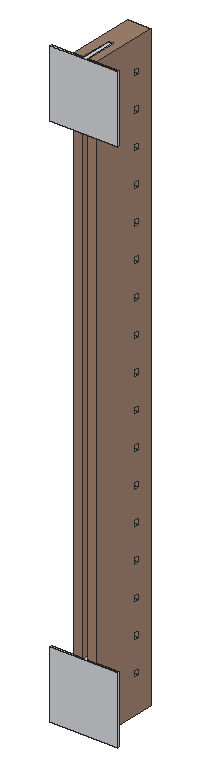
Revit family "KLS - metal join _ wooden vertical", category Generic Models, host Wall, Revit 2014
Parameters (values of type "metal join_14cm_2cm")
  wall height = 2700 mm
  thickness [instance] = 20 mm
  thicknes from wall = 10 mm
  radius_hole = height / 15 + 5 mm  # 25 mm
  material = none
  length of outside = 140 mm
  length = 300 mm
  height = 300 mm
Types (2, lengths in mm): name | thickness | length of outside
  metal join_9cm_1.5cm | 15 | 90
  metal join_14cm_2cm | 20 | 140
Reference planes
  plane 1 "Wall": y = 0
  plane 2 "Center (Left/Right)": x = 125
  plane 3 "Back": y = 75
  plane 4: y = 85
  plane 5: x = 275
  plane 6: x = -25
  plane 7: x = 135
  plane 8: x = 115
  plane 9: y = 225
  plane 10: y = 155
  plane 11: z = 300
  plane 12: z = 200
  plane 13: z = 100
  plane 14: z = 2700
Forms (mm)
  Extrusion 1, solid
    sketch origin (0, 0, 0) x (1, 0, 0) y (0, 1, 0)
      loop
        line (-25, 75) -> (275, 75) -> (275, 85) -> (135, 85) -> (135, 225) -> (115, 225) -> (115, 85) -> (-25, 85) -> (-25, 75)
    from 0 to 300
  Extrusion 2, void
    sketch origin (125, 0, 0) x (0, 1, 0) y (0, 0, 1)
      loop
        circle (155, 200) r 25
      loop
        circle (155, 100) r 25
    from -10 to 10
Cuts and joins
  Extrusion 2 cuts Extrusion 1
Text (mm)
  text "Placement Side" at (-1848.837, 1116.779, 0), in view "Ref. Level"
  text "Placement side" at (0, 1409.804, 2854.306), in view "Left"
  text "Placement side" at (0, 499.811, 2980.732), in view "Right"
Dimensions and locks
  locked: plane 3 "Back" to host wall
  equal spacing: plane 6, plane 2 "Center (Left/Right)", plane 5
  "thicknes from wall": plane 4 to plane 3 "Back"
  "length": plane 6 to plane 5
  equal spacing: plane 8, plane 2 "Center (Left/Right)", plane 7
  "thickness": plane 8 to plane 7
  equal spacing: plane 9, plane 10, plane 4
  equal spacing: plane 11, plane 12, plane 13, level
  "height": plane 11 to level
  "length of outside": plane 9 to plane 4
  "wall height": plane 14 to level
  "radius_hole": radius of Extrusion 2 sketch curve  (x2)
  aligned and locked: plane 1 "Wall" to host wall
  aligned and locked: plane 6 to Extrusion 1 sketch curve
  aligned and locked: host wall to Extrusion 1 sketch curve
  aligned and locked: Extrusion 1 sketch curve to plane 5
  aligned and locked: Extrusion 1 sketch curve to plane 9
  aligned and locked: Extrusion 1 sketch curve to plane 7
  aligned and locked: Extrusion 1 sketch curve to plane 8
  aligned and locked: Extrusion 1 sketch curve to plane 4  (x2)
  aligned and locked: plane 11 to Extrusion 1
  aligned and locked: plane 8 to cut or joined group of Extrusion 1, Extrusion 2
  aligned and locked: plane 7 to cut or joined group of Extrusion 1, Extrusion 2
  aligned and locked: nested 1 to plane 9
  aligned and locked: plane 14 to nested 2
Automatic sketch dimensions
  Extrusion 2 sketch curve to plane 10 = 0 mm  (x2)
  Extrusion 2 sketch curve to plane 13 = 0 mm
  Extrusion 2 sketch curve to plane 12 = 0 mm
Nested families
  nested 1: "KLS - wooden vertical furniture" at (125, 235, 0) x (-1, 0, 0) z (0, 0, 1), length inside <- "length of outside", type "KLS - wooden vertical furniture"
    with length inside 140 mm, hole_radius 25 mm, height_holes 300 mm
  nested 2: "KLS - metal join" at (0, 0, 2400), thickness <- "thickness", type "metal join_14cm_2cm"
    with thickness 20 mm
Definition of nested family "KLS - wooden vertical furniture"
  Parameters (values of type "KLS - wooden vertical furniture")
    wood = KLS - Wood (Oak)
    width inside = 20 mm
    width = 100 mm
    void = 30 mm
    thickness = 300 mm
    number of voids = (height - 300 mm) / 150 mm + 1  # 17
    length inside [instance] = 140 mm
    hole_radius = 20 mm
    height_holes = 352.495 mm
    height_hole1 = 150 mm
    height = 2700 mm
    Default Elevation = 1219.2 mm
  Reference planes
    plane 1 "Center (Front/Back)": y = 0
    plane 2: z = 0
    plane 3 "Center (Left/Right)": x = 0
    plane 4: x = -50
    plane 5: x = 50
    plane 6: y = 150
    plane 7: y = -150
    plane 8: z = 2700
    plane 9: y = 10
    plane 10: x = -10
    plane 11: x = 10
    plane 12: z = 117.498
    plane 13: z = 234.997
    plane 14: z = 352.495
    plane 15: y = 80
    plane 16: z = 2582.502
    plane 17: z = 2465.003
    plane 18: z = 2347.505
    plane 19: z = 150
    plane 20: z = 180
    plane 21: y = -85
    plane 22: y = -55
    plane 23: y = -70
  Forms (mm)
    Extrusion 1, solid
      sketch origin (0, 0, 0) x (1, 0, 0) y (0, 1, 0)
        loop
          line (-1219.2, 1219.2) -> (-1219.2, -1219.2) -> (1219.2, -1219.2) -> (1219.2, 1219.2) -> (-1219.2, 1219.2)
      from 0 to -304.8
    Extrusion 2, solid, material "KLS - Wood (Oak)" <- "wood"
      sketch origin (0, 0, 0) x (1, 0, 0) y (0, 1, 0)
        loop
          line (-50, -150) -> (50, -150) -> (50, 150) -> (10, 150) -> (10, 10) -> (-10, 10) -> (-10, 150) -> (-50, 150) -> (-50, -150)
      from 0 to 2700
    Extrusion 3, void
      sketch origin (0, 0, 0) x (0, 1, 0) y (0, 0, 1)
        loop
          circle (80, 234.997) r 20
        loop
          circle (80, 117.498) r 20
      from -50 to 50
    Extrusion 4, void
      sketch origin (0, 0, 0) x (0, 1, 0) y (0, 0, 1)
        loop
          circle (80, 2582.502) r 20
        loop
          circle (80, 2465.003) r 20
      from -50 to 50
    Extrusion 5, void
      sketch origin (0, 0, 0) x (0, 1, 0) y (0, 0, 1)
        loop
          line (-85, 150) -> (-55, 150) -> (-55, 180) -> (-85, 180) -> (-85, 150)
      from -50 to 50
    Extrusion 6, void
      sketch origin (0, 0, 150) x (0, 1, 0) y (0, 0, 1)
        loop
          line (-85, 150) -> (-55, 150) -> (-55, 180) -> (-85, 180) -> (-85, 150)
      from -50 to 50
    Extrusion 7, void
      sketch origin (0, 0, 300) x (0, 1, 0) y (0, 0, 1)
        loop
          line (-85, 150) -> (-55, 150) -> (-55, 180) -> (-85, 180) -> (-85, 150)
      from -50 to 50
    Extrusion 8, void
      sketch origin (0, 0, 450) x (0, 1, 0) y (0, 0, 1)
        loop
          line (-85, 150) -> (-55, 150) -> (-55, 180) -> (-85, 180) -> (-85, 150)
      from -50 to 50
    Extrusion 9, void
      sketch origin (0, 0, 600) x (0, 1, 0) y (0, 0, 1)
        loop
          line (-85, 150) -> (-55, 150) -> (-55, 180) -> (-85, 180) -> (-85, 150)
      from -50 to 50
    Extrusion 10, void
      sketch origin (0, 0, 750) x (0, 1, 0) y (0, 0, 1)
        loop
          line (-85, 150) -> (-55, 150) -> (-55, 180) -> (-85, 180) -> (-85, 150)
      from -50 to 50
    Extrusion 11, void
      sketch origin (0, 0, 900) x (0, 1, 0) y (0, 0, 1)
        loop
          line (-85, 150) -> (-55, 150) -> (-55, 180) -> (-85, 180) -> (-85, 150)
      from -50 to 50
    Extrusion 12, void
      sketch origin (0, 0, 1050) x (0, 1, 0) y (0, 0, 1)
        loop
          line (-85, 150) -> (-55, 150) -> (-55, 180) -> (-85, 180) -> (-85, 150)
      from -50 to 50
    Extrusion 13, void
      sketch origin (0, 0, 1200) x (0, 1, 0) y (0, 0, 1)
        loop
          line (-85, 150) -> (-55, 150) -> (-55, 180) -> (-85, 180) -> (-85, 150)
      from -50 to 50
    Extrusion 14, void
      sketch origin (0, 0, 1350) x (0, 1, 0) y (0, 0, 1)
        loop
          line (-85, 150) -> (-55, 150) -> (-55, 180) -> (-85, 180) -> (-85, 150)
      from -50 to 50
    Extrusion 15, void
      sketch origin (0, 0, 1500) x (0, 1, 0) y (0, 0, 1)
        loop
          line (-85, 150) -> (-55, 150) -> (-55, 180) -> (-85, 180) -> (-85, 150)
      from -50 to 50
    Extrusion 16, void
      sketch origin (0, 0, 1650) x (0, 1, 0) y (0, 0, 1)
        loop
          line (-85, 150) -> (-55, 150) -> (-55, 180) -> (-85, 180) -> (-85, 150)
      from -50 to 50
    Extrusion 17, void
      sketch origin (0, 0, 1800) x (0, 1, 0) y (0, 0, 1)
        loop
          line (-85, 150) -> (-55, 150) -> (-55, 180) -> (-85, 180) -> (-85, 150)
      from -50 to 50
    Extrusion 18, void
      sketch origin (0, 0, 1950) x (0, 1, 0) y (0, 0, 1)
        loop
          line (-85, 150) -> (-55, 150) -> (-55, 180) -> (-85, 180) -> (-85, 150)
      from -50 to 50
    Extrusion 19, void
      sketch origin (0, 0, 2100) x (0, 1, 0) y (0, 0, 1)
        loop
          line (-85, 150) -> (-55, 150) -> (-55, 180) -> (-85, 180) -> (-85, 150)
      from -50 to 50
    Extrusion 20, void
      sketch origin (0, 0, 2250) x (0, 1, 0) y (0, 0, 1)
        loop
          line (-85, 150) -> (-55, 150) -> (-55, 180) -> (-85, 180) -> (-85, 150)
      from -50 to 50
    Extrusion 21, void
      sketch origin (0, 0, 2400) x (0, 1, 0) y (0, 0, 1)
        loop
          line (-85, 150) -> (-55, 150) -> (-55, 180) -> (-85, 180) -> (-85, 150)
      from -50 to 50
  Cuts and joins
    Extrusion 3, Extrusion 4, Extrusion 5, Extrusion 6, Extrusion 7, Extrusion 8, Extrusion 9, Extrusion 10, Extrusion 11, Extrusion 12, Extrusion 13, Extrusion 14, Extrusion 15, Extrusion 16, Extrusion 17, Extrusion 18, Extrusion 19, Extrusion 20, Extrusion 21 cuts Extrusion 2
  Dimensions and locks
    equal spacing: plane 4, plane 3 "Center (Left/Right)", plane 5
    equal spacing: plane 6, plane 1 "Center (Front/Back)", plane 7
    "width": plane 4 to plane 5
    "thickness": plane 6 to plane 7
    "length inside": plane 6 to plane 9
    equal spacing: plane 10, plane 3 "Center (Left/Right)", plane 11
    "width inside": plane 10 to plane 11
    equal spacing: plane 14, plane 13, plane 12, level
    "height_holes": plane 14 to level
    "height": plane 8 to level
    equal spacing: plane 9, plane 15, plane 6
    equal spacing: plane 8, plane 16, plane 17, plane 18
    "height_holes": plane 8 to plane 18
    "height_hole1": plane 19 to level
    equal spacing: plane 21, plane 23, plane 22
    equal spacing: plane 7, plane 23, plane 9
    "void": plane 20 to plane 19
    "void": plane 21 to plane 22
    equal spacing: group 1, group 2, group 3, group 4, group 5, group 6, group 7, group 8, group 9, group 10, group 11, group 12, group 13, group 14, group 15, group 16, group 17  (x3)
    "hole_radius": radius of Extrusion 3 sketch curve  (x2)
    "hole_radius": radius of Extrusion 4 sketch curve  (x2)
    aligned and locked: plane 2 to Extrusion 1
    aligned and locked: level to Extrusion 1
    aligned and locked: plane 4 to Extrusion 2 sketch curve
    aligned and locked: plane 7 to Extrusion 2 sketch curve
    aligned and locked: Extrusion 2 sketch curve to plane 5
    aligned and locked: plane 8 to Extrusion 2
    aligned and locked: Extrusion 2 sketch curve to plane 9
    aligned and locked: plane 11 to Extrusion 2 sketch curve
    aligned and locked: Extrusion 2 sketch curve to plane 10
    aligned and locked: Extrusion 2 sketch curve to plane 6  (x2)
    aligned and locked: Extrusion 3 to plane 4
    aligned and locked: plane 5 to Extrusion 3
    aligned and locked: Extrusion 2 to Extrusion 3
    aligned and locked: Extrusion 4 to plane 4
    aligned and locked: plane 5 to Extrusion 4
    aligned and locked: Extrusion 5 to plane 4
    aligned and locked: plane 5 to Extrusion 5
  Automatic sketch dimensions
    Extrusion 1 sketch curve to Extrusion 1 sketch curve = 2438.4 mm  (x2)
    Extrusion 5 sketch curve to Extrusion 5 sketch curve = 30 mm  (x2)
    Extrusion 6 sketch curve to Extrusion 6 sketch curve = 30 mm  (x2)
    Extrusion 7 sketch curve to Extrusion 7 sketch curve = 30 mm  (x2)
    Extrusion 8 sketch curve to Extrusion 8 sketch curve = 30 mm  (x2)
    Extrusion 9 sketch curve to Extrusion 9 sketch curve = 30 mm  (x2)
    Extrusion 10 sketch curve to Extrusion 10 sketch curve = 30 mm  (x2)
    Extrusion 11 sketch curve to Extrusion 11 sketch curve = 30 mm  (x2)
    Extrusion 12 sketch curve to Extrusion 12 sketch curve = 30 mm  (x2)
    Extrusion 13 sketch curve to Extrusion 13 sketch curve = 30 mm  (x2)
    Extrusion 14 sketch curve to Extrusion 14 sketch curve = 30 mm  (x2)
    Extrusion 15 sketch curve to Extrusion 15 sketch curve = 30 mm  (x2)
    Extrusion 16 sketch curve to Extrusion 16 sketch curve = 30 mm  (x2)
    Extrusion 17 sketch curve to Extrusion 17 sketch curve = 30 mm  (x2)
    Extrusion 18 sketch curve to Extrusion 18 sketch curve = 30 mm  (x2)
    Extrusion 19 sketch curve to Extrusion 19 sketch curve = 30 mm  (x2)
    Extrusion 20 sketch curve to Extrusion 20 sketch curve = 30 mm  (x2)
    Extrusion 21 sketch curve to Extrusion 21 sketch curve = 30 mm  (x2)
    Extrusion 3 sketch curve to plane 12 = 0 mm
    Extrusion 3 sketch curve to plane 15 = 0 mm  (x2)
    Extrusion 3 sketch curve to plane 13 = 0 mm
    Extrusion 4 sketch curve to plane 15 = 0 mm  (x2)
    Extrusion 4 sketch curve to plane 17 = 0 mm
    Extrusion 4 sketch curve to plane 16 = 0 mm
Definition of nested family "KLS - metal join"
  Parameters (values of type "metal join_14cm_2cm")
    thickness [instance] = 20 mm
    thicknes from wall = 10 mm
    radius_hole = height / 15 + 5 mm  # 25 mm
    material = none
    length of outside = 140 mm
    length = 300 mm
    height = 300 mm
  Types (2, lengths in mm): name | thickness | length of outside
    metal join_9cm_1.5cm | 15 | 90
    metal join_14cm_2cm | 20 | 140
  Reference planes
    plane 1 "Wall": y = 0
    plane 2 "Center (Left/Right)": x = 125
    plane 3 "Back": y = 75
    plane 4: y = 85
    plane 5: x = 275
    plane 6: x = -25
    plane 7: x = 135
    plane 8: x = 115
    plane 9: y = 225
    plane 10: y = 155
    plane 11: z = 300
    plane 12: z = 200
    plane 13: z = 100
  Forms (mm)
    Extrusion 1, solid
      sketch origin (0, 0, 0) x (1, 0, 0) y (0, 1, 0)
        loop
          line (-25, 75) -> (275, 75) -> (275, 85) -> (135, 85) -> (135, 225) -> (115, 225) -> (115, 85) -> (-25, 85) -> (-25, 75)
      from 0 to 300
    Extrusion 2, void
      sketch origin (125, 0, 0) x (0, 1, 0) y (0, 0, 1)
        loop
          circle (155, 200) r 25
        loop
          circle (155, 100) r 25
      from -10 to 10
  Cuts and joins
    Extrusion 2 cuts Extrusion 1
  Text (mm)
    text "Placement Side" at (-1848.837, 1116.779, 0), in view "Ref. Level"
    text "Placement side" at (0, 1409.804, 2854.306), in view "Left"
    text "Placement side" at (0, 499.811, 2980.732), in view "Right"
  Dimensions and locks
    locked: plane 3 "Back" to host wall
    equal spacing: plane 6, plane 2 "Center (Left/Right)", plane 5
    "thicknes from wall": plane 4 to plane 3 "Back"
    "length": plane 6 to plane 5
    equal spacing: plane 8, plane 2 "Center (Left/Right)", plane 7
    "thickness": plane 8 to plane 7
    equal spacing: plane 9, plane 10, plane 4
    equal spacing: plane 11, plane 12, plane 13, level
    "height": plane 11 to level
    "length of outside": plane 9 to plane 4
    "radius_hole": radius of Extrusion 2 sketch curve  (x2)
    aligned and locked: plane 1 "Wall" to host wall
    aligned and locked: plane 6 to Extrusion 1 sketch curve
    aligned and locked: host wall to Extrusion 1 sketch curve
    aligned and locked: Extrusion 1 sketch curve to plane 5
    aligned and locked: Extrusion 1 sketch curve to plane 9
    aligned and locked: Extrusion 1 sketch curve to plane 7
    aligned and locked: Extrusion 1 sketch curve to plane 8
    aligned and locked: Extrusion 1 sketch curve to plane 4  (x2)
    aligned and locked: plane 11 to Extrusion 1
    aligned and locked: plane 8 to cut or joined group of Extrusion 1, Extrusion 2
    aligned and locked: plane 7 to cut or joined group of Extrusion 1, Extrusion 2
  Automatic sketch dimensions
    Extrusion 2 sketch curve to plane 10 = 0 mm  (x2)
    Extrusion 2 sketch curve to plane 13 = 0 mm
    Extrusion 2 sketch curve to plane 12 = 0 mm
